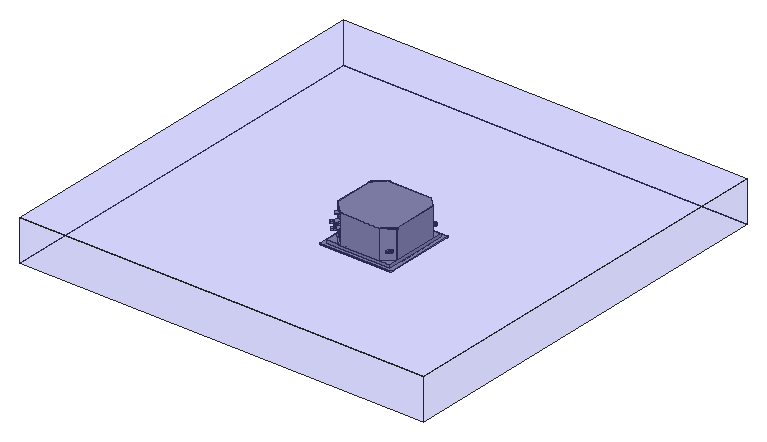
Revit family "SYSIMPLE FCC40A", category Оборудование, Revit 2019 (continued)
Automatic sketch dimensions
  profile plane to Sweep 25 sketch curve = 0 mm  (x2)
  Sweep 25 sketch curve to profile plane = 0 mm
  profile plane to Sweep 25 sketch curve = 1.5 mm
  profile plane to Sweep 25 sketch curve = 6 mm
  Sweep 26 sketch curve to profile plane = 0 mm  (x3)
  profile plane to Sweep 26 sketch curve = 1.5 mm
  profile plane to Sweep 26 sketch curve = 6 mm
  profile plane to Sweep 27 sketch curve = 0 mm
  profile plane to Sweep 27 sketch curve = 1.5 mm  (x2)
  Sweep 27 sketch curve to profile plane = 2 mm
  profile plane to Sweep 28 sketch curve = 0 mm
  Sweep 28 sketch curve to profile plane = 1.5 mm
  profile plane to Sweep 28 sketch curve = 2 mm
  Sweep 28 sketch curve to Sweep 28 sketch curve = 1.5 mm
  level to Extrusion 29 sketch curve = 84.5 mm
  Extrusion 29 sketch curve to Extrusion 29 sketch curve = 50 mm
  Extrusion 29 sketch curve to Extrusion 29 sketch curve = 21 mm
  Extrusion 29 to Extrusion 30 sketch curve = 0 mm  (x3)
  Extrusion 30 sketch curve to Extrusion 29 = 0.001 mm  (x2)
  Extrusion 30 sketch curve to Extrusion 30 sketch curve = 12.5 mm
  Extrusion 30 sketch curve to Extrusion 30 sketch curve = 0.001 mm  (x3)
  Extrusion 30 sketch curve to Extrusion 29 = 5.749 mm
  Extrusion 30 sketch curve to Extrusion 30 sketch curve = 0.499 mm
  Extrusion 30 sketch curve to Extrusion 30 sketch curve = 0.5 mm  (x3)
  Extrusion 30 sketch curve to Extrusion 30 sketch curve = 4.5 mm  (x2)
  Extrusion 30 sketch curve to Extrusion 30 sketch curve = 0 mm  (x4)
  Extrusion 30 sketch curve to Extrusion 30 sketch curve = 1 mm  (x7)
  Extrusion 30 sketch curve to Extrusion 30 sketch curve = 6 mm  (x4)
  Extrusion 30 sketch curve to Extrusion 30 sketch curve = 13 mm
  Extrusion 30 sketch curve to Extrusion 29 = 5.748 mm
  Extrusion 30 sketch curve to Extrusion 30 sketch curve = 4.499 mm
  Extrusion 30 sketch curve to Extrusion 30 sketch curve = 1.001 mm
  Sweep 31 sketch curve to profile plane = 0 mm  (x2)
  Sweep 31 sketch curve to Sweep 31 sketch curve = 1.5 mm
  Sweep 32 sketch curve to profile plane = 0 mm  (x3)
  Sweep 32 sketch curve to Sweep 32 sketch curve = 1.5 mm
  profile plane to Sweep 32 sketch curve = 6 mm
  profile plane to Sweep 33 sketch curve = 0 mm  (x2)
  Sweep 33 sketch curve to profile plane = 0 mm
  Sweep 33 sketch curve to Sweep 33 sketch curve = 1.5 mm
  profile plane to Sweep 33 sketch curve = 6 mm
  Sweep 34 sketch curve to profile plane = 0 mm
  Sweep 34 sketch curve to profile plane = 2 mm
  profile plane to Sweep 34 sketch curve = 1.5 mm
  Sweep 34 sketch curve to profile plane = 1.5 mm
  profile plane to Sweep 35 sketch curve = 0 mm
  Sweep 35 sketch curve to Sweep 35 sketch curve = 1.5 mm
  profile plane to Sweep 35 sketch curve = 1.5 mm
  Sweep 35 sketch curve to profile plane = 2 mm
  level to Extrusion 36 sketch curve = 84.5 mm
  Extrusion 36 sketch curve to Extrusion 36 sketch curve = 50 mm
  Extrusion 36 sketch curve to Extrusion 36 sketch curve = 21 mm
  Extrusion 36 to Extrusion 37 sketch curve = 0 mm
  Extrusion 37 sketch curve to Extrusion 36 = 0 mm  (x2)
  Extrusion 37 sketch curve to Extrusion 36 = 0.001 mm  (x2)
  Extrusion 37 sketch curve to Extrusion 37 sketch curve = 12.5 mm
  Extrusion 37 sketch curve to Extrusion 37 sketch curve = 0.001 mm  (x3)
  Extrusion 37 sketch curve to Extrusion 36 = 5.749 mm
  Extrusion 37 sketch curve to Extrusion 37 sketch curve = 0.499 mm
  Extrusion 37 sketch curve to Extrusion 37 sketch curve = 0.5 mm  (x3)
  Extrusion 37 sketch curve to Extrusion 37 sketch curve = 4.5 mm  (x2)
  Extrusion 37 sketch curve to Extrusion 37 sketch curve = 0 mm  (x4)
  Extrusion 37 sketch curve to Extrusion 37 sketch curve = 1 mm  (x7)
  Extrusion 37 sketch curve to Extrusion 37 sketch curve = 6 mm  (x4)
  Extrusion 37 sketch curve to Extrusion 37 sketch curve = 13 mm
  Extrusion 37 sketch curve to Extrusion 36 = 5.748 mm
  Extrusion 37 sketch curve to Extrusion 37 sketch curve = 4.499 mm
  Extrusion 37 sketch curve to Extrusion 37 sketch curve = 1.001 mm
  profile plane to Sweep 38 sketch curve = 0 mm
  Sweep 38 sketch curve to profile plane = 0 mm
  Sweep 38 sketch curve to Sweep 38 sketch curve = 1.5 mm
  Sweep 39 sketch curve to profile plane = 0 mm  (x3)
  profile plane to Sweep 39 sketch curve = 1.5 mm
  profile plane to Sweep 39 sketch curve = 6 mm
  profile plane to Sweep 40 sketch curve = 0 mm  (x2)
  Sweep 40 sketch curve to profile plane = 0 mm
  profile plane to Sweep 40 sketch curve = 1.5 mm
  profile plane to Sweep 40 sketch curve = 6 mm
  profile plane to Sweep 41 sketch curve = 0 mm
  Sweep 41 sketch curve to profile plane = 1.5 mm  (x2)
  profile plane to Sweep 41 sketch curve = 2 mm
  profile plane to Sweep 42 sketch curve = 0 mm
  Sweep 42 sketch curve to profile plane = 2 mm
  profile plane to Sweep 42 sketch curve = 1.5 mm
  Sweep 42 sketch curve to Sweep 42 sketch curve = 1.5 mm
  plane 1 "中心(前/后)" to Extrusion 43 sketch curve = 260.763 mm
  Extrusion 43 sketch curve to plane 1 "中心(前/后)" = 311.6 mm
  plane 3 "中心(左/右)" to Extrusion 43 sketch curve = 209.925 mm
  Extrusion 43 sketch curve to plane 3 "中心(左/右)" = 363.341 mm
  SweptBlend 44 sketch curve to plane 1 "中心(前/后)" = 25.419 mm
  SweptBlend 44 sketch curve to level = 55 mm
  SweptBlend 44 sketch curve to SweptBlend 44 sketch curve = 26.5 mm
  SweptBlend 44 sketch curve to profile plane = 325 mm
  SweptBlend 44 sketch curve to SweptBlend 44 sketch curve = 15 mm  (x3)
  profile plane to SweptBlend 44 sketch curve = 310 mm  (x2)
  profile plane to SweptBlend 44 sketch curve = 325 mm
  SweptBlend 44 sketch curve to profile plane = 310 mm
  SweptBlend 44 sketch curve to profile plane = 209.192 mm
  SweptBlend 44 sketch curve to SweptBlend 44 sketch curve = 12.186 mm
  SweptBlend 44 sketch curve to SweptBlend 44 sketch curve = 12.192 mm
  profile plane to SweptBlend 44 sketch curve = 196.992 mm  (x2)
  SweptBlend 44 sketch curve to SweptBlend 44 sketch curve = 12.2 mm
  profile plane to SweptBlend 44 sketch curve = 209.192 mm
  SweptBlend 44 sketch curve to profile plane = 196.986 mm
  Extrusion 45 sketch curve to Extrusion 43 = 23.819 mm  (x2)
  Extrusion 45 sketch curve to Extrusion 43 = 38.367 mm
  Extrusion 45 sketch curve to Extrusion 45 sketch curve = 15 mm  (x3)
  Extrusion 45 sketch curve to Extrusion 43 = 23.367 mm  (x2)
  profile plane to Sweep 46 sketch curve = 0 mm
  Sweep 46 sketch curve to profile plane = 0 mm
  profile plane to Sweep 46 sketch curve = 10 mm
  profile plane to Sweep 46 sketch curve = 13.588 mm
  Sweep 46 sketch curve to profile plane = 14.676 mm
  Extrusion 47 sketch curve to Sweep 46 = 2.2 mm
  Extrusion 47 sketch curve to Sweep 46 = 2.186 mm
  Extrusion 48 sketch curve to Extrusion 47 = 34.186 mm  (x2)
  Extrusion 48 sketch curve to Extrusion 48 sketch curve = 0 mm  (x65)
  Extrusion 48 sketch curve to Extrusion 47 = 6.392 mm  (x3)
  Extrusion 48 sketch curve to Extrusion 48 sketch curve = 42.4 mm
  Extrusion 48 sketch curve to Extrusion 48 sketch curve = 1.8 mm  (x5)
  Extrusion 48 sketch curve to Extrusion 47 = 5.892 mm
  Extrusion 48 sketch curve to Extrusion 48 sketch curve = 60 mm
  Extrusion 48 sketch curve to Extrusion 48 sketch curve = 2 mm  (x35)
  Extrusion 48 sketch curve to Extrusion 48 sketch curve = 19 mm  (x2)
  Extrusion 48 sketch curve to Extrusion 47 = 99.192 mm
  Extrusion 48 sketch curve to Extrusion 47 = 36.492 mm
  Extrusion 48 sketch curve to Extrusion 47 = 96.192 mm
  Extrusion 48 sketch curve to Extrusion 47 = 34.192 mm  (x2)
  Extrusion 48 sketch curve to Extrusion 48 sketch curve = 13 mm  (x2)
  Extrusion 48 sketch curve to Extrusion 47 = 31.192 mm
  Extrusion 48 sketch curve to Extrusion 48 sketch curve = 4 mm  (x33)
  Extrusion 49 sketch curve to SweptBlend 44 = 41 mm
  Extrusion 49 sketch curve to SweptBlend 44 = 69.559 mm
  Extrusion 49 sketch curve to Extrusion 49 sketch curve = 9.5 mm
  Extrusion 49 sketch curve to Extrusion 49 sketch curve = 1.971 mm  (x2)
  Extrusion 49 sketch curve to SweptBlend 44 = 45.807 mm
  Extrusion 49 sketch curve to Extrusion 49 sketch curve = 327.059 mm
  Extrusion 49 sketch curve to Extrusion 49 sketch curve = 11.471 mm
  Extrusion 50 sketch curve to SweptBlend 44 = 42 mm
  SweptBlend 44 to Extrusion 50 sketch curve = 68.872 mm
  Extrusion 50 sketch curve to Extrusion 50 sketch curve = 9.5 mm
  Extrusion 50 sketch curve to SweptBlend 44 = 44.802 mm
  Extrusion 50 sketch curve to Extrusion 50 sketch curve = 329.029 mm
  Extrusion 50 sketch curve to Extrusion 50 sketch curve = 1.971 mm
  Extrusion 50 sketch curve to Extrusion 50 sketch curve = 11.471 mm
  Extrusion 50 sketch curve to Extrusion 50 sketch curve = 11.3 mm
  Extrusion 51 sketch curve to SweptBlend 44 = 42 mm
  SweptBlend 44 to Extrusion 51 sketch curve = 68.872 mm
  Extrusion 51 sketch curve to Extrusion 51 sketch curve = 9.5 mm
  Extrusion 51 sketch curve to SweptBlend 44 = 44.802 mm
  Extrusion 51 sketch curve to Extrusion 51 sketch curve = 329.029 mm
  Extrusion 51 sketch curve to Extrusion 51 sketch curve = 1.971 mm
  Extrusion 51 sketch curve to Extrusion 51 sketch curve = 11.471 mm
  Extrusion 51 sketch curve to Extrusion 51 sketch curve = 11.3 mm
  Extrusion 52 sketch curve to SweptBlend 44 = 42 mm
  SweptBlend 44 to Extrusion 52 sketch curve = 68.867 mm
  Extrusion 52 sketch curve to Extrusion 52 sketch curve = 9.5 mm  (x2)
  Extrusion 52 sketch curve to SweptBlend 44 = 33.502 mm
  Extrusion 52 sketch curve to Extrusion 52 sketch curve = 331 mm
  Extrusion 52 sketch curve to Extrusion 52 sketch curve = 11.3 mm  (x2)
  profile plane to Sweep 53 sketch curve = 0 mm
  profile plane to Sweep 53 sketch curve = 31.595 mm
  profile plane to Sweep 53 sketch curve = 1.995 mm
  Sweep 53 sketch curve to Sweep 53 sketch curve = 2 mm
  Sweep 54 sketch curve to profile plane = 0 mm
  profile plane to Sweep 54 sketch curve = 31.6 mm
  profile plane to Sweep 54 sketch curve = 2 mm
  Sweep 54 sketch curve to Sweep 54 sketch curve = 2 mm
  profile plane to Sweep 55 sketch curve = 0 mm
  profile plane to Sweep 55 sketch curve = 31.6 mm
  profile plane to Sweep 55 sketch curve = 2 mm
  Sweep 55 sketch curve to Sweep 55 sketch curve = 2 mm
  profile plane to Sweep 56 sketch curve = 0 mm
  profile plane to Sweep 56 sketch curve = 31.6 mm
  profile plane to Sweep 56 sketch curve = 2 mm
  Sweep 56 sketch curve to Sweep 56 sketch curve = 2 mm
  curve 53 to curve 51 = 185 mm
  curve 52 to curve 51 = 185 mm
  curve 52 to curve 50 = 15 mm  (x2)
  curve 53 to curve 50 = 15 mm
  curve 52 to curve 51 = 15 mm
  curve 53 to curve 51 = 285 mm
  curve 53 to curve 50 = 285 mm
  Sweep 58 sketch curve to Extrusion 47 = 0.441 mm
  Extrusion 47 to Sweep 58 sketch curve = 16.077 mm
  Extrusion 47 to Sweep 58 sketch curve = 11.902 mm
  Sweep 58 sketch curve to Sweep 58 sketch curve = 12.343 mm
  Sweep 58 sketch curve to profile plane = 6.905 mm  (x2)
  profile plane to Sweep 58 sketch curve = 108.817 mm
  Sweep 58 sketch curve to Sweep 58 sketch curve = 16.549 mm
  Extrusion 59 sketch curve to Extrusion 59 sketch curve = 5 mm  (x3)
  Extrusion 59 sketch curve to Extrusion 59 sketch curve = 10 mm  (x2)
  Extrusion 59 sketch curve to Extrusion 59 sketch curve = 8.66 mm  (x3)
  Extrusion 60 sketch curve to Extrusion 59 = 8.66 mm  (x2)
  Extrusion 61 sketch curve to Extrusion 61 sketch curve = 12.124 mm  (x3)
  Extrusion 61 sketch curve to Extrusion 61 sketch curve = 7 mm  (x3)
  Extrusion 61 sketch curve to Extrusion 61 sketch curve = 14 mm  (x2)
  radius of Extrusion 7 sketch curve = 12.5 mm
  radius of Extrusion 8 sketch curve = 12.5 mm
  radius of Extrusion 10 sketch curve = 4.5 mm
  radius of Extrusion 12 sketch curve = 27.5 mm
  radius of Extrusion 13 sketch curve to Extrusion 12 = 14.5 mm
  radius of Extrusion 13 sketch curve to Extrusion 12 = 17 mm
  radius of Extrusion 14 sketch curve = 10 mm
  radius of Extrusion 47 sketch curve to Sweep 46 = 0 mm  (x2)
  radius of Sweep 58 sketch curve = 2 mm  (x2)
  radius of Extrusion 60 sketch curve = 4.5 mm
Nested families
  nested 1: "36" at (-76.708, 25.419, 0), visible <- "Service Area", f <- "Front clearance(mm)", rear <- "Rear clearance(mm)", t <- "Top clearance(mm)", l <- "Left Side clearance(wall side mm)", r <- "Right Side clearance(wall side mm)", type "36"
    with t 50 mm, rear 1500 mm, r 1500 mm, l 1500 mm, f 1500 mm
Connectors
  piping at (-325.107, -217.622, 216.095), diameter 20
    settings: on Extrusion 13, index 1, connector inside diameter 609.6 mm, connector length 0 mm, flow factor 0, pipe flow 0.0 L/s, pressure drop 0.0 Pa, fitting loss kfactor 0, connector angle 0.00°, fixture units 0, engagement length 0 mm, angle of deflection 0.00°, flow configuration 0, flow direction 0, fitting loss method 0, system type 29, joint type 0, gender type 0, connector reference index -1, connector utility 0, adjustable connector no, is connector primary yes, connector description ""
  piping at (-319.912, -269.49, 111), diameter 20
    settings: on Extrusion 11, index 3, connector inside diameter 609.6 mm, connector length 0 mm, flow factor 0, pipe flow 0.0 L/s, pressure drop 0.0 Pa, fitting loss kfactor 0, connector angle 0.00°, fixture units 0, engagement length 0 mm, angle of deflection 0.00°, flow configuration 0, flow direction 0, fitting loss method 0, system type 29, joint type 0, gender type 0, connector reference index -1, connector utility 0, adjustable connector no, is connector primary no, connector description ""
  electrical at (-282.919, -207.075, 70.366)
    settings: on Sweep 58, index 4, voltage 0 V, apparent load 0 VA, apparent load phase1 0 VA, apparent load phase2 0 VA, apparent load phase3 0 VA, power factor 1, load classification "其他", number of poles 1, system type 13, power factor state 1, is connector primary yes, connector utility no, sub classification motor no, connector description ""
  electrical at (-282.919, -207.075, 53.817)
    settings: on Sweep 58, index 5, voltage 220 V, apparent load 0 VA, apparent load phase1 0 VA, apparent load phase2 0 VA, apparent load phase3 0 VA, power factor 1, load classification "Other", number of poles 1, system type 31, power factor state 1, is connector primary no, connector utility no, sub classification motor no, connector description ""
  piping at (-346.78, -242.618, 146), diameter 20
    settings: on Extrusion 61, index 6, connector inside diameter 609.6 mm, connector length 0 mm, flow factor 0, pipe flow 0.0 L/s, pressure drop 0.0 Pa, fitting loss kfactor 0, connector angle 0.00°, fixture units 0, engagement length 0 mm, angle of deflection 0.00°, flow configuration 0, flow direction 0, fitting loss method 0, system type 29, joint type 0, gender type 0, connector reference index -1, connector utility 0, adjustable connector no, is connector primary no, connector description ""
Definition of nested family "36"
  Parameters (values of type "36")
    t [instance] = 840.541 mm
    rear [instance] = 600.42 mm
    r [instance] = 1052 mm
    l [instance] = 880 mm
    f [instance] = 769.715 mm
  Reference planes
    plane 1 "中心(前/后)": y = 0
    plane 2: z = 0
    plane 3 "中心(左/右)": x = 0
    plane 4: x = -1205
    plane 5: x = 1377
    plane 6: x = -325
    plane 7: x = 325
    plane 8: y = 325
    plane 9: y = -325
    plane 10: y = 1094.715
    plane 11: y = -925.42
    plane 12: z = 260
    plane 13: z = 1100.541
  Forms (mm)
    Extrusion 1, solid
      sketch origin (0, 0, 0) x (1, 0, 0) y (0, 1, 0)
        loop
          line (-1205, 1094.715) -> (-1205, -925.42) -> (1377, -925.42) -> (1377, 1094.715) -> (-1205, 1094.715)
      from -60 to 1100.541
  Dimensions and locks
    plane 6 to plane 3 "中心(左/右)" to plane 7 = 325 mm locked, 325 mm locked
    plane 9 to plane 1 "中心(前/后)" to plane 8 = 325 mm locked, 325 mm locked
    "l": plane 4 to plane 6
    "r": plane 7 to plane 5
    "f": plane 8 to plane 10
    "rear": plane 11 to plane 9
    locked: plane 12 to plane 2 at 260
    "t": plane 13 to plane 12
    aligned and locked: level to plane 2
    aligned and locked: Extrusion 1 to plane 13
    aligned and locked: Extrusion 1 sketch curve to plane 10
    aligned and locked: plane 4 to Extrusion 1 sketch curve
    aligned and locked: plane 11 to Extrusion 1 sketch curve
    aligned and locked: Extrusion 1 sketch curve to plane 5
